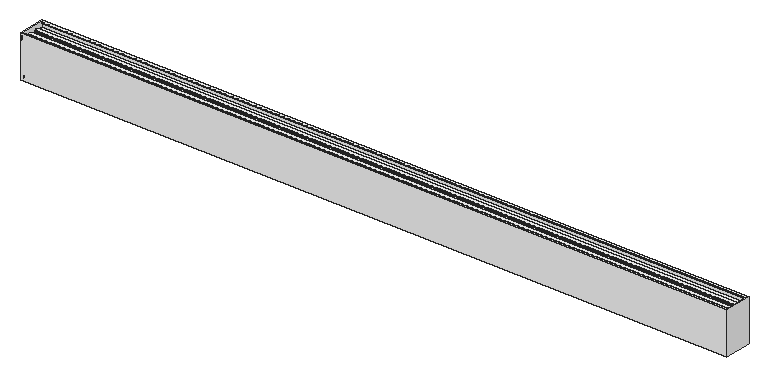
Revit family "STL22404BR_STL22404PTO", category Luminárias, Revit 2023
Family settings
  Hospedeiro = Forro
  Cota do conector redondo = Utilizar diâmetro
  Tipo de parte = Normal
  Número OmniClass = 23.80.70.11
  Título OmniClass = Luminaries for Internal Lighting
  Sempre na vertical = Sim
  Corte com vazios quando carregada = Não
  Fonte luminosa = Não
  Manter orientação da anotação = Não
  Compartilhado = Não
  Ponto de cálculo do ambiente = Não
Parameters (values of type "STL22404BR - BRANCO - 1m")
  URL = "https://stella.com.br/"
  Tensão Elétrica = "127V-220V"
  Referência = "STL22404BR - BRANCO - 1m"
  Potência máxima = 1000 W
  Modelo = "Trace - Trilho de Sobrepor 1m\r\nTrace - Trilho de Sobrepor 1m"
  Largura = 0.038 m
  Grau de proteção (IP) = "IP20"
  Fabricante = "Stella"
  Estrutura = Al - Branco
  Elevação padrão = 0.00 m
  Comprimento = 1.00 m
  Altura = 0.059 m
Types (3, lengths in m): name | Referência | Estrutura
  (no name) | "STL22404BR - BRANCO - 1m" | Al - Branco
  STL22404PTO - PRETO - 1m | "STL22404PTO - PRETO - 1m" | Al - Preto
  STL22404BR - BRANCO - 1m | "STL22404BR - BRANCO - 1m" | Al - Branco
Reference planes (m)
  plane 1 "Eixo de origem da luz (F/T)": y = 0
  plane 2 "Forro": z = 2.5
  plane 3 "Eixo de origem da luz (E/D)": x = 0
  plane 4 "Elevação da origem da luz": z = 2.441
  plane 5: y = 0.019
  plane 6: y = -0.019
  plane 7: x = -0.5
  plane 8: x = 0.5
  plane 9 "Inferior": z = 2.441
  plane 10 "Superior": z = 2.5
Forms (m)
  Extrusion 1, solid, material "Al - Branco" <- "Estrutura"
    sketch origin (0, 0, 0) x (0, 1, 0) y (0, 0, 1)
      loop
        line (-0.0186, 2.441) -> (-0.0174, 2.441) -> (-0.0174, 2.44378) -> (-0.0179, 2.444397) -> (-0.0179, 2.447297) -> (-0.0174, 2.447914) -> (-0.0174, 2.4737) -> (-0.008, 2.4737) -> (-0.008, 2.4759) -> (-0.00895, 2.4759) -> (-0.00895, 2.474998) -> (-0.01135, 2.474998) -> (-0.012058, 2.475328) -> (-0.013444, 2.475328)
        arc (-0.013444, 2.475328) -> (-0.012978, 2.481231) -> (-0.011361, 2.486928) r 0.03
        line (-0.011361, 2.486928) -> (-0.0103, 2.486928) -> (-0.0103, 2.485728) -> (-0.00915, 2.485728) -> (-0.00915, 2.4908) -> (0.00915, 2.4908) -> (0.00915, 2.485728) -> (0.0103, 2.485728) -> (0.0103, 2.486928) -> (0.011361, 2.486928)
        arc (0.011361, 2.486928) -> (0.012978, 2.481231) -> (0.013444, 2.475328) r 0.03
        line (0.013444, 2.475328) -> (0.012058, 2.475328) -> (0.01135, 2.474998) -> (0.00895, 2.474998) -> (0.00895, 2.4759) -> (0.008, 2.4759) -> (0.008, 2.4737) -> (0.0174, 2.4737) -> (0.0174, 2.447914) -> (0.0179, 2.447297) -> (0.0179, 2.444397) -> (0.0174, 2.44378) -> (0.0174, 2.441) -> (0.0186, 2.441) -> (0.0186, 2.5) -> (0.0158, 2.5) -> (0.0158, 2.499) -> (0.0176, 2.499) -> (0.0176, 2.492) -> (0.00605, 2.492) -> (0.00605, 2.4941) -> (0.0078, 2.4941) -> (0.0078, 2.4951) -> (0.0033, 2.4951) -> (0.0033, 2.4941) -> (0.00505, 2.4941) -> (0.00505, 2.492) -> (-0.00505, 2.492) -> (-0.00505, 2.4941) -> (-0.0033, 2.4941) -> (-0.0033, 2.4951) -> (-0.0078, 2.4951) -> (-0.0078, 2.4941) -> (-0.00605, 2.4941) -> (-0.00605, 2.492) -> (-0.0176, 2.492) -> (-0.0176, 2.499) -> (-0.0158, 2.499) -> (-0.0158, 2.5) -> (-0.0186, 2.5) -> (-0.0186, 2.441)
      loop
        line (-0.0161, 2.4761) -> (-0.01445, 2.4761)
        arc (-0.01445, 2.4761) -> (-0.013834, 2.48208) -> (-0.012075, 2.487828) r 0.031
        line (-0.012075, 2.487828) -> (-0.01055, 2.487828) -> (-0.01055, 2.4908) -> (-0.0174, 2.4908) -> (-0.0174, 2.4751) -> (-0.0161, 2.4751) -> (-0.0161, 2.4761)
      loop
        line (0.0161, 2.4761) -> (0.0161, 2.4751) -> (0.0174, 2.4751) -> (0.0174, 2.4908) -> (0.01055, 2.4908) -> (0.01055, 2.487828) -> (0.012075, 2.487828)
        arc (0.012075, 2.487828) -> (0.013834, 2.48208) -> (0.01445, 2.4761) r 0.031
        line (0.01445, 2.4761) -> (0.0161, 2.4761)
    from -0.498 to 0.498
  Extrusion 2, solid, material "Al - Branco" <- "Estrutura"
    sketch origin (0, 0, 0) x (0, 1, 0) y (0, 0, 1)
      loop
        line (-0.0186, 2.5) -> (-0.0186, 2.441) -> (0.0186, 2.441) -> (0.0186, 2.5) -> (-0.0186, 2.5)
    from 0.498 to 0.5
  Extrusion 3, solid, material "Al - Branco" <- "Estrutura"
    sketch origin (0, 0, 0) x (0, 1, 0) y (0, 0, -1)
      loop
        line (-0.0186, -2.5) -> (0.0186, -2.5) -> (0.0186, -2.441) -> (-0.0186, -2.441) -> (-0.0186, -2.5)
    from 0.498 to 0.5
  Extrusion 4, solid, material "Al - Branco" <- "Estrutura"
    sketch origin (0, 0, 0) x (0, 1, 0) y (0, 0, 1)
      loop
        line (0.006604, 2.4846) -> (-0.006604, 2.4846) -> (-0.007113, 2.4836) -> (-0.007214, 2.472) -> (-0.017315, 2.472) -> (-0.016882, 2.441) -> (-0.014811, 2.441) -> (-0.014811, 2.442461) -> (-0.015608, 2.442461) -> (-0.015608, 2.443437)
        arc (-0.015608, 2.443437) -> (-0.015319, 2.443873) -> (-0.01485, 2.444106) r 0.001013
        line (-0.01485, 2.444106) -> (-0.01485, 2.4453) -> (0.01485, 2.4453) -> (0.01485, 2.444106)
        arc (0.01485, 2.444106) -> (0.015319, 2.443873) -> (0.015608, 2.443437) r 0.001013
        line (0.015608, 2.443437) -> (0.015608, 2.442461) -> (0.014811, 2.442461) -> (0.014811, 2.441) -> (0.016882, 2.441) -> (0.017315, 2.472) -> (0.007214, 2.472) -> (0.007113, 2.4836) -> (0.006604, 2.4846)
    from 0.45904 to 0.459739
  Extrusion 5, solid, material "Al - Branco" <- "Estrutura"
    sketch origin (0, 0, 0) x (0, 1, 0) y (0, 0, 1)
      loop
        arc (-0.01465, 2.443926) -> (-0.015122, 2.443787) -> (-0.015428, 2.443402) r 0.000813
        line (-0.015428, 2.443402) -> (-0.015428, 2.442602) -> (-0.014627, 2.442602) -> (-0.014599, 2.441) -> (0.014599, 2.441) -> (0.014627, 2.442602) -> (0.015428, 2.442602) -> (0.015428, 2.443402)
        arc (0.015428, 2.443402) -> (0.015122, 2.443787) -> (0.01465, 2.443926) r 0.000813
        line (0.01465, 2.443926) -> (0.014669, 2.444992) -> (-0.014669, 2.444992) -> (-0.01465, 2.443926)
    from 0.45904 to 0.459739
  Extrusion 6, solid, material "Al - Branco" <- "Estrutura"
    sketch origin (0, 0, 0) x (0, 1, 0) y (0, 0, 1)
      loop
        line (-0.017315, 2.472) -> (-0.016882, 2.441) -> (-0.014811, 2.441) -> (-0.014811, 2.442461) -> (-0.015608, 2.442461) -> (-0.015608, 2.443437)
        arc (-0.015608, 2.443437) -> (-0.015319, 2.443873) -> (-0.01485, 2.444106) r 0.001013
        line (-0.01485, 2.444106) -> (-0.01485, 2.4712) -> (-0.006421, 2.4712) -> (-0.006311, 2.4838) -> (0.006311, 2.4838) -> (0.006421, 2.4712) -> (0.01485, 2.4712) -> (0.01485, 2.444106)
        arc (0.01485, 2.444106) -> (0.015319, 2.443873) -> (0.015608, 2.443437) r 0.001013
        line (0.015608, 2.443437) -> (0.015608, 2.442461) -> (0.014811, 2.442461) -> (0.014811, 2.441) -> (0.016882, 2.441) -> (0.017315, 2.472) -> (0.007214, 2.472) -> (0.007113, 2.4836) -> (0.006604, 2.4846) -> (-0.006604, 2.4846) -> (-0.007113, 2.4836) -> (-0.007214, 2.472) -> (-0.017315, 2.472)
    from 0.459739 to 0.495
  Extrusion 7, solid, material "Al - Branco" <- "Estrutura"
    sketch origin (0, 0, 2.441) x (0, -1, 0) y (1, 0, 0)
      loop
        line (-0.014399, 0.460144) -> (0.014399, 0.460144) -> (0.014399, 0.490651) -> (-0.014399, 0.490651) -> (-0.014399, 0.460144)
    from 0 to 0.0014
  Extrusion 8, solid, material "Al - Branco" <- "Estrutura"
    sketch origin (0.03, 0, 2.441) x (0, -1, 0) y (1, 0, 0)
      loop
        line (-0.014811, 0.462612) -> (0.014811, 0.462612) -> (0.014811, 0.465) -> (-0.014811, 0.465) -> (-0.014811, 0.462612)
    from 0 to 0.0014
  Extrusion 9, solid, material "Al - Branco" <- "Estrutura"
    sketch origin (0.027612, 0, 2.441) x (0, -1, 0) y (1, 0, 0)
      loop
        line (-0.014399, 0.463039) -> (0.014399, 0.463039) -> (0.014399, 0.465) -> (-0.014399, 0.465) -> (-0.014399, 0.463039)
    from -0.000931 to 0.0014
  Extrusion 10, void
    sketch origin (0, 0, 2.441) x (0, -1, 0) y (1, 0, 0)
      loop
        line (-0.00135, 0.472649) -> (-0.00135, 0.477449) -> (-0.00225, 0.478349) -> (-0.00225, 0.471749) -> (-0.00135, 0.472649)
      loop
        line (0.00055, 0.472649) -> (0.00055, 0.477449) -> (-0.00035, 0.477449) -> (-0.00035, 0.472649) -> (0.00055, 0.472649)
      loop
        line (0.00245, 0.471749) -> (0.00245, 0.478349) -> (0.00155, 0.477449) -> (0.00155, 0.472649) -> (0.00245, 0.471749)
    from 0 to 0.000506
  Extrusion 11, solid, material "Al - Branco" <- "Estrutura"
    sketch origin (0, 0.1, 0) x (0, 1, 0) y (0, 0, 1)
      loop
        line (-0.1174, 2.447914) -> (-0.1179, 2.447297) -> (-0.1179, 2.444397) -> (-0.1174, 2.44378) -> (-0.1174, 2.441) -> (-0.0826, 2.441) -> (-0.0826, 2.44378) -> (-0.0821, 2.444397) -> (-0.0821, 2.447297) -> (-0.0826, 2.447914) -> (-0.0826, 2.4737) -> (-0.0838, 2.4737) -> (-0.0838, 2.4424) -> (-0.1162, 2.4424) -> (-0.1162, 2.4737) -> (-0.1174, 2.4737) -> (-0.1174, 2.447914)
    from 0.495 to 0.498
  Extrusion 12, solid, material "Al - Branco" <- "Estrutura"
    sketch origin (0, 0.1, 0) x (0, 1, 0) y (0, 0, -1)
      loop
        line (-0.1174, -2.447914) -> (-0.1174, -2.4737) -> (-0.1162, -2.4737) -> (-0.1162, -2.4424) -> (-0.0838, -2.4424) -> (-0.0838, -2.4737) -> (-0.0826, -2.4737) -> (-0.0826, -2.447914) -> (-0.0821, -2.447297) -> (-0.0821, -2.444397) -> (-0.0826, -2.44378) -> (-0.0826, -2.441) -> (-0.1174, -2.441) -> (-0.1174, -2.44378) -> (-0.1179, -2.444397) -> (-0.1179, -2.447297) -> (-0.1174, -2.447914)
    from 0.495 to 0.498
Cuts and joins
  Extrusion 10 cuts Extrusion 4
  Extrusion 10 cuts Extrusion 6
  Extrusion 10 cuts Extrusion 7
  Extrusion 10 cuts Extrusion 8
  Extrusion 10 cuts Extrusion 9
  joined: Extrusion 4, Extrusion 6, Extrusion 7, Extrusion 8, Extrusion 9
  joined: Extrusion 1, Extrusion 2, Extrusion 3, Extrusion 11, Extrusion 12
Dimensions and locks (m)
  equal spacing: host sketch curve, plane 3 "Eixo de origem da luz (E/D)", host sketch curve
  equal spacing: host sketch curve, plane 1 "Eixo de origem da luz (F/T)", host sketch curve
  host sketch curve to host sketch curve = 1.01 m
  host sketch curve to host sketch curve = 0.048 m
  "Comprimento": plane 7 to plane 8
  "Largura": plane 5 to plane 6
  "Altura": plane 10 "Superior" to plane 4 "Elevação da origem da luz"
Automatic sketch dimensions
  Extrusion 1 sketch curve to Extrusion 1 sketch curve = 0.00 m  (x6)
  Extrusion 1 sketch curve to plane 2 "Forro" = 0.00 m  (x2)
  plane 4 "Elevação da origem da luz" to Extrusion 1 sketch curve = 0.00 m  (x2)
  plane 6 to Extrusion 1 sketch curve = 0.0004 m
  plane 6 to Extrusion 1 sketch curve = 0.0011 m
  plane 6 to Extrusion 1 sketch curve = 0.0014 m
  plane 6 to Extrusion 1 sketch curve = 0.0016 m
  Extrusion 1 sketch curve to Extrusion 1 sketch curve = 0.0005 m  (x2)
  Extrusion 1 sketch curve to Extrusion 1 sketch curve = 0.0002 m
  Extrusion 1 sketch curve to Extrusion 1 sketch curve = 0.00085 m
  Extrusion 1 sketch curve to Extrusion 1 sketch curve = 0.00045 m  (x2)
  Extrusion 1 sketch curve to Extrusion 1 sketch curve = 0.0018 m
  Extrusion 1 sketch curve to Extrusion 1 sketch curve = 0.00165 m  (x2)
  Extrusion 1 sketch curve to Extrusion 1 sketch curve = 0.001006 m  (x2)
  Extrusion 1 sketch curve to Extrusion 1 sketch curve = 0.005325 m
  Extrusion 1 sketch curve to Extrusion 1 sketch curve = 0.001386 m  (x2)
  Extrusion 1 sketch curve to Extrusion 1 sketch curve = 0.000714 m  (x2)
  Extrusion 1 sketch curve to Extrusion 1 sketch curve = 0.000708 m  (x2)
  Extrusion 1 sketch curve to Extrusion 1 sketch curve = 0.000811 m
  Extrusion 1 sketch curve to Extrusion 1 sketch curve = 0.00025 m
  Extrusion 1 sketch curve to Extrusion 1 sketch curve = 0.0014 m  (x4)
  Extrusion 1 sketch curve to Extrusion 1 sketch curve = 0.0024 m  (x2)
  Extrusion 1 sketch curve to Extrusion 1 sketch curve = 0.00095 m  (x2)
  Extrusion 1 sketch curve to Extrusion 1 sketch curve = 0.00135 m
  Extrusion 1 sketch curve to Extrusion 1 sketch curve = 0.00175 m  (x4)
  Extrusion 1 sketch curve to Extrusion 1 sketch curve = 0.001 m  (x4)
  Extrusion 1 sketch curve to plane 1 "Eixo de origem da luz (F/T)" = 0.0033 m
  Extrusion 1 sketch curve to plane 1 "Eixo de origem da luz (F/T)" = 0.008 m
  Extrusion 1 sketch curve to Extrusion 1 sketch curve = 0.0031 m
  Extrusion 1 sketch curve to Extrusion 1 sketch curve = 0.00115 m
  Extrusion 1 sketch curve to Extrusion 1 sketch curve = 0.001061 m
  Extrusion 1 sketch curve to plane 2 "Forro" = 0.001 m  (x2)
  Extrusion 1 sketch curve to plane 5 = 0.0032 m
  Extrusion 1 sketch curve to plane 5 = 0.0016 m  (x3)
  Extrusion 1 sketch curve to plane 5 = 0.0014 m
  Extrusion 1 sketch curve to plane 5 = 0.0004 m
  Extrusion 1 sketch curve to Extrusion 1 sketch curve = 0.00278 m  (x2)
  Extrusion 1 sketch curve to Extrusion 1 sketch curve = 0.000617 m  (x4)
  Extrusion 1 sketch curve to Extrusion 1 sketch curve = 0.0029 m  (x2)
  Extrusion 1 sketch curve to plane 2 "Forro" = 0.0263 m
  Extrusion 1 sketch curve to Extrusion 1 sketch curve = 0.001298 m  (x2)
  Extrusion 1 sketch curve to Extrusion 1 sketch curve = 0.00033 m  (x2)
  Extrusion 1 sketch curve to Extrusion 1 sketch curve = 0.000902 m  (x2)
  Extrusion 1 sketch curve to Extrusion 1 sketch curve = 0.000829 m  (x2)
  Extrusion 1 sketch curve to Extrusion 1 sketch curve = 0.000772 m
  Extrusion 1 sketch curve to Extrusion 1 sketch curve = 0.000171 m
  Extrusion 1 sketch curve to Extrusion 1 sketch curve = 0.0012 m  (x5)
  Extrusion 1 sketch curve to Extrusion 1 sketch curve = 0.002972 m  (x2)
  Extrusion 1 sketch curve to Extrusion 1 sketch curve = 0.0021 m  (x4)
  plane 4 "Elevação da origem da luz" to Extrusion 2 sketch curve = 0.00 m
  Extrusion 2 sketch curve to plane 2 "Forro" = 0.00 m
  plane 6 to Extrusion 2 sketch curve = 0.0004 m
  Extrusion 2 sketch curve to plane 5 = 0.0004 m
  plane 4 "Elevação da origem da luz" to Extrusion 3 sketch curve = 0.00 m
  Extrusion 3 sketch curve to plane 2 "Forro" = 0.00 m
  plane 6 to Extrusion 3 sketch curve = 0.0004 m
  Extrusion 3 sketch curve to plane 5 = 0.0004 m
  plane 4 "Elevação da origem da luz" to Extrusion 4 sketch curve = 0.00 m  (x2)
  plane 6 to Extrusion 4 sketch curve = 0.001685 m
  plane 6 to Extrusion 4 sketch curve = 0.002118 m
  Extrusion 4 sketch curve to Extrusion 4 sketch curve = 0.001274 m  (x2)
  Extrusion 4 sketch curve to Extrusion 4 sketch curve = 0.000758 m
  Extrusion 4 sketch curve to Extrusion 4 sketch curve = 0.000797 m  (x2)
  Extrusion 4 sketch curve to Extrusion 4 sketch curve = 0.000163 m  (x2)
  plane 1 "Eixo de origem da luz (F/T)" to Extrusion 4 sketch curve = 0.007214 m
  plane 1 "Eixo de origem da luz (F/T)" to Extrusion 4 sketch curve = 0.007113 m
  Extrusion 4 sketch curve to Extrusion 4 sketch curve = 0.000509 m  (x2)
  Extrusion 4 sketch curve to plane 1 "Eixo de origem da luz (F/T)" = 0.006604 m
  Extrusion 4 sketch curve to plane 1 "Eixo de origem da luz (F/T)" = 0.007214 m
  Extrusion 4 sketch curve to plane 4 "Elevação da origem da luz" = 0.002114 m
  Extrusion 4 sketch curve to plane 5 = 0.004352 m
  Extrusion 4 sketch curve to Extrusion 4 sketch curve = 0.000202 m
  Extrusion 4 sketch curve to plane 5 = 0.001685 m
  Extrusion 4 sketch curve to Extrusion 4 sketch curve = 0.001461 m
  Extrusion 4 sketch curve to Extrusion 4 sketch curve = 0.000653 m  (x2)
  Extrusion 4 sketch curve to Extrusion 4 sketch curve = 0.000976 m  (x2)
  Extrusion 4 sketch curve to Extrusion 4 sketch curve = 0.001194 m
  Extrusion 4 sketch curve to Extrusion 4 sketch curve = 0.0267 m
  Extrusion 4 sketch curve to Extrusion 4 sketch curve = 0.00 m
  Extrusion 4 sketch curve to Extrusion 4 sketch curve = 0.0116 m  (x2)
  Extrusion 4 sketch curve to Extrusion 4 sketch curve = 0.001 m
  plane 4 "Elevação da origem da luz" to Extrusion 5 sketch curve = 0.00 m
  plane 6 to Extrusion 5 sketch curve = 0.003572 m
  Extrusion 5 sketch curve to Extrusion 5 sketch curve = 0.000759 m
  Extrusion 5 sketch curve to Extrusion 5 sketch curve = 0.00076 m
  Extrusion 5 sketch curve to Extrusion 5 sketch curve = 0.000018 m
  Extrusion 5 sketch curve to plane 4 "Elevação da origem da luz" = 0.001602 m  (x2)
  Extrusion 5 sketch curve to Extrusion 5 sketch curve = 0.000041 m  (x2)
  Extrusion 5 sketch curve to Extrusion 5 sketch curve = 0.000028 m  (x2)
  Extrusion 5 sketch curve to plane 5 = 0.004401 m
  Extrusion 5 sketch curve to Extrusion 5 sketch curve = 0.000023 m
  Extrusion 5 sketch curve to Extrusion 5 sketch curve = 0.000019 m
  Extrusion 5 sketch curve to Extrusion 5 sketch curve = 0.000801 m
  Extrusion 5 sketch curve to Extrusion 5 sketch curve = 0.000512 m  (x2)
  Extrusion 5 sketch curve to Extrusion 5 sketch curve = 0.0008 m  (x2)
  Extrusion 5 sketch curve to Extrusion 5 sketch curve = 0.001066 m
  plane 4 "Elevação da origem da luz" to Extrusion 6 sketch curve = 0.00 m  (x2)
  plane 6 to Extrusion 6 sketch curve = 0.001685 m
  plane 6 to Extrusion 6 sketch curve = 0.002118 m
  Extrusion 6 sketch curve to Extrusion 6 sketch curve = 0.001274 m  (x2)
  Extrusion 6 sketch curve to Extrusion 6 sketch curve = 0.002465 m
  Extrusion 6 sketch curve to Extrusion 6 sketch curve = 0.000797 m  (x2)
  Extrusion 6 sketch curve to Extrusion 6 sketch curve = 0.000163 m  (x2)
  plane 1 "Eixo de origem da luz (F/T)" to Extrusion 6 sketch curve = 0.007214 m
  plane 1 "Eixo de origem da luz (F/T)" to Extrusion 6 sketch curve = 0.007113 m
  Extrusion 6 sketch curve to Extrusion 6 sketch curve = 0.000509 m
  Extrusion 6 sketch curve to Extrusion 6 sketch curve = 0.000793 m  (x2)
  Extrusion 6 sketch curve to Extrusion 6 sketch curve = 0.000802 m  (x2)
  Extrusion 6 sketch curve to plane 1 "Eixo de origem da luz (F/T)" = 0.006311 m
  Extrusion 6 sketch curve to plane 1 "Eixo de origem da luz (F/T)" = 0.006421 m
  Extrusion 6 sketch curve to Extrusion 6 sketch curve = 0.000293 m
  Extrusion 6 sketch curve to plane 4 "Elevação da origem da luz" = 0.002114 m
  Extrusion 6 sketch curve to plane 5 = 0.004352 m
  Extrusion 6 sketch curve to Extrusion 6 sketch curve = 0.000202 m
  Extrusion 6 sketch curve to plane 5 = 0.001685 m
  Extrusion 6 sketch curve to Extrusion 6 sketch curve = 0.000653 m  (x2)
  Extrusion 6 sketch curve to Extrusion 6 sketch curve = 0.001461 m
  Extrusion 6 sketch curve to Extrusion 6 sketch curve = 0.000976 m  (x2)
  Extrusion 6 sketch curve to Extrusion 6 sketch curve = 0.027094 m
  Extrusion 6 sketch curve to Extrusion 6 sketch curve = 0.00 m
  Extrusion 6 sketch curve to Extrusion 6 sketch curve = 0.0008 m  (x3)
  Extrusion 6 sketch curve to Extrusion 6 sketch curve = 0.0116 m  (x2)
  Extrusion 6 sketch curve to Extrusion 6 sketch curve = 0.0002 m
  Extrusion 7 sketch curve to plane 5 = 0.004601 m
  plane 6 to Extrusion 7 sketch curve = 0.004601 m
  Extrusion 7 sketch curve to plane 8 = 0.039856 m
  Extrusion 7 sketch curve to plane 8 = 0.009349 m
  Extrusion 8 sketch curve to plane 5 = 0.004189 m
  plane 6 to Extrusion 8 sketch curve = 0.004189 m
  Extrusion 8 sketch curve to plane 8 = 0.007388 m
  Extrusion 8 sketch curve to Extrusion 8 sketch curve = 0.002388 m
  Extrusion 9 sketch curve to plane 5 = 0.004601 m
  plane 6 to Extrusion 9 sketch curve = 0.004601 m
  Extrusion 9 sketch curve to plane 8 = 0.009349 m
  Extrusion 9 sketch curve to Extrusion 9 sketch curve = 0.001961 m
  Extrusion 10 sketch curve to plane 1 "Eixo de origem da luz (F/T)" = 0.00225 m
  Extrusion 10 sketch curve to Extrusion 10 sketch curve = 0.0009 m  (x6)
  Extrusion 10 sketch curve to plane 1 "Eixo de origem da luz (F/T)" = 0.00035 m
  plane 1 "Eixo de origem da luz (F/T)" to Extrusion 10 sketch curve = 0.00055 m
  Extrusion 10 sketch curve to Extrusion 10 sketch curve = 0.001 m
  Extrusion 10 sketch curve to plane 8 = 0.028251 m
  Extrusion 10 sketch curve to Extrusion 10 sketch curve = 0.00 m  (x4)
  Extrusion 10 sketch curve to Extrusion 10 sketch curve = 0.0048 m
  plane 4 "Elevação da origem da luz" to Extrusion 11 sketch curve = 0.00 m
  plane 6 to Extrusion 11 sketch curve = 0.0011 m
  plane 6 to Extrusion 11 sketch curve = 0.0016 m
  Extrusion 11 sketch curve to Extrusion 11 sketch curve = 0.0005 m  (x2)
  Extrusion 11 sketch curve to Extrusion 11 sketch curve = 0.0012 m  (x2)
  Extrusion 11 sketch curve to plane 5 = 0.0028 m
  Extrusion 11 sketch curve to plane 5 = 0.0016 m
  Extrusion 11 sketch curve to plane 4 "Elevação da origem da luz" = 0.0014 m
  Extrusion 11 sketch curve to Extrusion 11 sketch curve = 0.00138 m  (x2)
  Extrusion 11 sketch curve to Extrusion 11 sketch curve = 0.000617 m  (x4)
  Extrusion 11 sketch curve to Extrusion 11 sketch curve = 0.0029 m  (x2)
  Extrusion 11 sketch curve to Extrusion 11 sketch curve = 0.025786 m  (x2)
  plane 4 "Elevação da origem da luz" to Extrusion 12 sketch curve = 0.00 m
  plane 6 to Extrusion 12 sketch curve = 0.0011 m
  plane 6 to Extrusion 12 sketch curve = 0.0016 m
  Extrusion 12 sketch curve to Extrusion 12 sketch curve = 0.0005 m  (x2)
  Extrusion 12 sketch curve to Extrusion 12 sketch curve = 0.0012 m  (x2)
  Extrusion 12 sketch curve to plane 5 = 0.0028 m
  Extrusion 12 sketch curve to plane 5 = 0.0016 m
  Extrusion 12 sketch curve to plane 4 "Elevação da origem da luz" = 0.0014 m
  Extrusion 12 sketch curve to Extrusion 12 sketch curve = 0.00138 m  (x2)
  Extrusion 12 sketch curve to Extrusion 12 sketch curve = 0.000617 m  (x4)
  Extrusion 12 sketch curve to Extrusion 12 sketch curve = 0.0029 m  (x2)
  Extrusion 12 sketch curve to Extrusion 12 sketch curve = 0.025786 m  (x2)
Connectors (m)
  electrical at (0, 0, 2.5)
    settings: index 1, voltage 0 V, apparent load 0 VA, apparent load phase1 0 VA, apparent load phase2 0 VA, apparent load phase3 0 VA, power factor 1, load classification "Outro", number of poles 1, system type 31, power factor state 1, is connector primary yes, connector utility no, sub classification motor no, connector description ""
